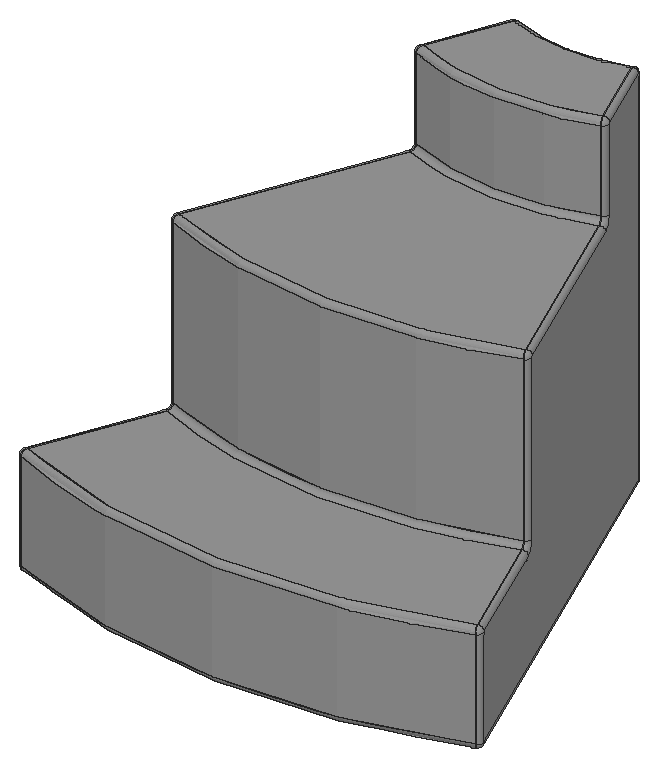
Revit family "TS1012 Elevate Tier Three Step Outside Curved Wedge", category Generic Models, Revit 2018
Family settings
  Can host rebar = No
  Round Connector Dimension = Use Diameter
  Part Type = Normal
  Work Plane-Based = No
  Always vertical = Yes
  Cut with Voids When Loaded = No
  Shared = No
  Room Calculation Point = No
Parameters
  Fabric = TS1012 Elevate Three Tier Outside Curved Wedge Fabric
Reference planes (in)
  plane 1 "Center (Front/Back)": y = 0
  plane 2: z = 0
  plane 3 "Center (Left/Right)": x = 0
Forms (in)
  Sweep 1, solid, material "TS1012 Elevate Three Tier Outside Curved Wedge Fabric" <- "Fabric"
    path origin (3.50651, -9.21608, 0) x (0.382683, 0.92388, 0) y (0, 0, 1)
      loop
        arc (20, 34.06864) -> (19.99374, 34.08374) -> (19.97864, 34.09) r 0.02136
        line (19.97864, 34.09) -> (12.51959, 34.09)
        arc (12.51959, 34.09) -> (12.50574, 34.08426) -> (12.5, 34.07041) r 0.01959
        line (12.5, 34.07041) -> (12.5, 26.59)
        arc (12.5, 26.59) -> (12.20711, 25.88289) -> (11.5, 25.59) r 1
        line (11.5, 25.59) -> (-7.48002, 25.59)
        arc (-7.48002, 25.59) -> (-7.49415, 25.58415) -> (-7.5, 25.57002) r 0.01998
        line (-7.5, 25.57002) -> (-7.5, 10.59)
        arc (-7.5, 10.59) -> (-7.79289, 9.88289) -> (-8.5, 9.59) r 1
        line (-8.5, 9.59) -> (-19.98006, 9.59)
        arc (-19.98006, 9.59) -> (-19.9939, 9.58427) -> (-19.99963, 9.57044) r 0.01956
        line (-19.99963, 9.57044) -> (-19.99963, 0.51994)
        arc (-19.99963, 0.51994) -> (-19.99379, 0.50584) -> (-19.97969, 0.5) r 0.01994
        line (-19.97969, 0.5) -> (19.97956, 0.5)
        arc (19.97956, 0.5) -> (19.99401, 0.50599) -> (20, 0.52044) r 0.02044
        line (20, 0.52044) -> (20, 34.06864)
    profile origin (11.16018, 9.26152, 17.29454) x (0.92388, -0.382683, 0) y (0.382683, 0.92388, 0)
      loop
        line (-18, 0) -> (-18, 0.5)
        arc (-18, 0.5) -> (-18.35355, 0.35355) -> (-18.5, 0) r 0.5
        line (-18.5, 0) -> (-18, 0)
  Extrusion 2, solid, material "TS1012 Elevate Three Tier Outside Curved Wedge Fabric" <- "Fabric"
    sketch origin (3.51406, -9.19789, 0) x (0.382683, 0.92388, 0) y (0, 0, -1)
      loop
        arc (19.95895, -34.09) -> (19.97406, -34.08374) -> (19.98031, -34.06864) r 0.02136
        line (19.98031, -34.06864) -> (19.98031, -0.52044)
        arc (19.98031, -0.52044) -> (19.97433, -0.50599) -> (19.95987, -0.5) r 0.02044
        line (19.95987, -0.5) -> (-19.99938, -0.5)
        arc (-19.99938, -0.5) -> (-20.01347, -0.50584) -> (-20.01931, -0.51994) r 0.01994
        line (-20.01931, -0.51994) -> (-20.01931, -9.57044)
        arc (-20.01931, -9.57044) -> (-20.01358, -9.58427) -> (-19.99975, -9.59) r 0.01956
        line (-19.99975, -9.59) -> (-8.51969, -9.59)
        arc (-8.51969, -9.59) -> (-7.81258, -9.88289) -> (-7.51969, -10.59) r 1
        line (-7.51969, -10.59) -> (-7.51969, -25.57002)
        arc (-7.51969, -25.57002) -> (-7.51384, -25.58415) -> (-7.49971, -25.59) r 0.01998
        line (-7.49971, -25.59) -> (11.48031, -25.59)
        arc (11.48031, -25.59) -> (12.18742, -25.88289) -> (12.48031, -26.59) r 1
        line (12.48031, -26.59) -> (12.48031, -34.07041)
        arc (12.48031, -34.07041) -> (12.48605, -34.08426) -> (12.49991, -34.09) r 0.01959
        line (12.49991, -34.09) -> (19.95895, -34.09)
    from 18.00001 to 18.5
  Sweep 3, solid, material "TS1012 Elevate Three Tier Outside Curved Wedge Fabric" <- "Fabric"
    path origin (0.00021, 51.32652, 0) x (-1, 0, 0) y (0, -1, 0)
      loop
        arc (-21.43027, 72.40197) -> (0, 76.66472) -> (21.43027, 72.40197) r 56
    profile origin (0.00021, -25.3382, 0) x (0, -1, 0) y (0, 0, 1)
      loop
        line (-40.99963, 34.06864) -> (-40.99963, 0.52044)
        arc (-40.99963, 0.52044) -> (-40.84719, 0.15243) -> (-40.47919, 0) r 0.52044
        line (-40.47919, 0) -> (-0.51994, 0)
        arc (-0.51994, 0) -> (-0.15229, 0.15229) -> (0, 0.51994) r 0.51994
        line (0, 0.51994) -> (0, 9.57044)
        arc (0, 9.57044) -> (-0.15218, 9.93782) -> (-0.51956, 10.09) r 0.51956
        line (-0.51956, 10.09) -> (-11.99963, 10.09)
        arc (-11.99963, 10.09) -> (-12.35318, 10.23645) -> (-12.49963, 10.59) r 0.5
        line (-12.49963, 10.59) -> (-12.49963, 25.57002)
        arc (-12.49963, 25.57002) -> (-12.65192, 25.9377) -> (-13.0196, 26.09) r 0.51998
        line (-13.0196, 26.09) -> (-31.99963, 26.09)
        arc (-31.99963, 26.09) -> (-32.35318, 26.23645) -> (-32.49963, 26.59) r 0.5
        line (-32.49963, 26.59) -> (-32.49963, 34.07041)
        arc (-32.49963, 34.07041) -> (-32.65181, 34.43781) -> (-33.01922, 34.59) r 0.51959
        line (-33.01922, 34.59) -> (-40.47827, 34.59)
        arc (-40.47827, 34.59) -> (-40.84692, 34.4373) -> (-40.99963, 34.06864) r 0.52136
  Sweep 4, solid, material "TS1012 Elevate Three Tier Outside Curved Wedge Fabric" <- "Fabric"
    path origin (-3.50651, -9.21608, 0) x (-0.382683, 0.92388, 0) y (0, 0, -1)
      loop
        line (20, -34.06864) -> (20, -0.52044)
        arc (20, -0.52044) -> (19.99401, -0.50599) -> (19.97956, -0.5) r 0.02044
        line (19.97956, -0.5) -> (-19.97969, -0.5)
        arc (-19.97969, -0.5) -> (-19.99379, -0.50584) -> (-19.99963, -0.51994) r 0.01994
        line (-19.99963, -0.51994) -> (-19.99963, -9.57044)
        arc (-19.99963, -9.57044) -> (-19.9939, -9.58427) -> (-19.98006, -9.59) r 0.01956
        line (-19.98006, -9.59) -> (-8.5, -9.59)
        arc (-8.5, -9.59) -> (-7.79289, -9.88289) -> (-7.5, -10.59) r 1
        line (-7.5, -10.59) -> (-7.5, -25.57002)
        arc (-7.5, -25.57002) -> (-7.49415, -25.58415) -> (-7.48002, -25.59) r 0.01998
        line (-7.48002, -25.59) -> (11.5, -25.59)
        arc (11.5, -25.59) -> (12.20711, -25.88289) -> (12.5, -26.59) r 1
        line (12.5, -26.59) -> (12.5, -34.07041)
        arc (12.5, -34.07041) -> (12.50574, -34.08426) -> (12.51959, -34.09) r 0.01959
        line (12.51959, -34.09) -> (19.97864, -34.09)
        arc (19.97864, -34.09) -> (19.99374, -34.08374) -> (20, -34.06864) r 0.02136
    profile origin (-11.16018, 9.26152, 17.29454) x (-0.92388, -0.382683, 0) y (0.382683, -0.92388, 0)
      loop
        line (-18, 0) -> (-18.5, 0)
        arc (-18.5, 0) -> (-18.35355, -0.35355) -> (-18, -0.5) r 0.5
        line (-18, -0.5) -> (-18, 0)
  Extrusion 5, solid, material "TS1012 Elevate Three Tier Outside Curved Wedge Fabric" <- "Fabric"
    sketch origin (-3.51406, -9.19789, 0) x (-0.382683, 0.92388, 0) y (0, 0, 1)
      loop
        line (19.95895, 34.09) -> (12.49991, 34.09)
        arc (12.49991, 34.09) -> (12.48605, 34.08426) -> (12.48031, 34.07041) r 0.01959
        line (12.48031, 34.07041) -> (12.48031, 26.59)
        arc (12.48031, 26.59) -> (12.18742, 25.88289) -> (11.48031, 25.59) r 1
        line (11.48031, 25.59) -> (-7.49971, 25.59)
        arc (-7.49971, 25.59) -> (-7.51384, 25.58415) -> (-7.51969, 25.57002) r 0.01998
        line (-7.51969, 25.57002) -> (-7.51969, 10.59)
        arc (-7.51969, 10.59) -> (-7.81258, 9.88289) -> (-8.51969, 9.59) r 1
        line (-8.51969, 9.59) -> (-19.99975, 9.59)
        arc (-19.99975, 9.59) -> (-20.01358, 9.58427) -> (-20.01931, 9.57044) r 0.01956
        line (-20.01931, 9.57044) -> (-20.01931, 0.51994)
        arc (-20.01931, 0.51994) -> (-20.01347, 0.50584) -> (-19.99938, 0.5) r 0.01994
        line (-19.99938, 0.5) -> (19.95987, 0.5)
        arc (19.95987, 0.5) -> (19.97433, 0.50599) -> (19.98031, 0.52044) r 0.02044
        line (19.98031, 0.52044) -> (19.98031, 34.06864)
        arc (19.98031, 34.06864) -> (19.97406, 34.08374) -> (19.95895, 34.09) r 0.02136
    from 18.00001 to 18.5
  Extrusion 6, void
    sketch origin (0, 0, 0) x (1, 0, 0) y (0, 1, 0)
      loop
        line (-22.11624, -24.0386) -> (-3.36489, 21.23115) -> (-32.36489, 21.23115) -> (-32.36489, -24.0386) -> (-22.11624, -24.0386)
      loop
        line (22.11624, -24.0386) -> (32.36489, -24.0386) -> (32.36489, 21.23115) -> (3.36489, 21.23115) -> (22.11624, -24.0386)
    from 0 to 34.59
Cuts and joins
  Extrusion 6 cuts Sweep 3
Dimensions and locks (in)
  aligned and locked: plane 2 to level
